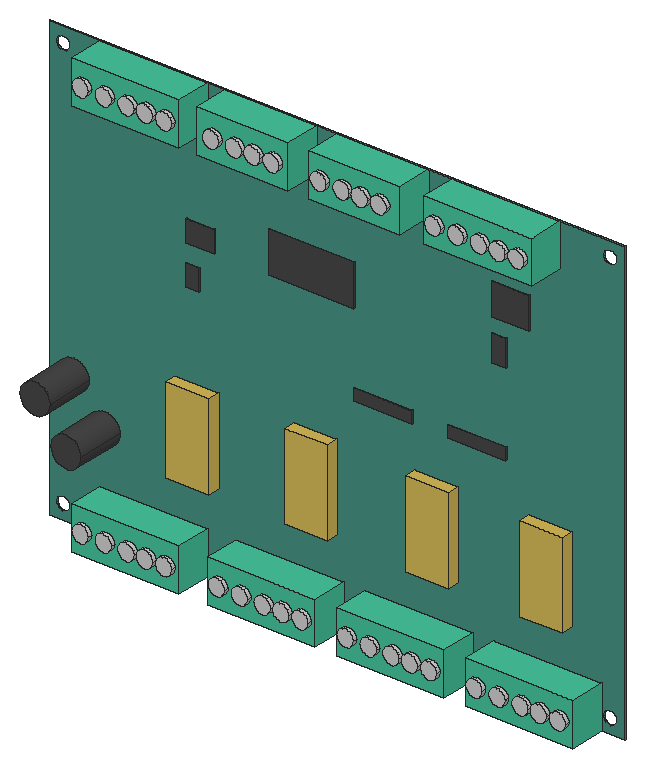
Revit family "TYCO-FPP-Zettler-QIO850 Quad inputoutput module", category Electrical Fixtures, Revit 2014
Parameters (values of type "TYCO-FPP-Zettler-QIO850 Quad inputoutput module")
  Width = 134 mm  # constant formula
  URL = "https://www.tycosafetyproducts-anz.com/public/Datasheet/QIO850inf1504.pdf"
  Type Comments = "QIO850 - Quad Input / Output module – provides four\r\nmonitored inputs and four relay outputs"
  Storage Temparature = "40 to +80 oC"
  ST = ST12
  Relay Output = "2A@30Vdc"
  RSS = res
  RS = RS
  Quiescent Current = "0.58mA"
  PCB = PCB
  Operating Temperature = "-25 to +70 oC"
  Operating Humidity = "Up to 95 %"
  Model = "Zettler -555.800.071"
  Manufacturer = "Tyco"
  Length = 103 mm  # constant formula
  Keynote = "Two-way IR communication with\r\n850EMT saves commissioning time"
  Input EOL = "3k3 Ohm"
  Description = "The MX Quad Ancillary Modules form a versatile new\r\nrange of multiple input and output modules for use\r\nwith MX TECHNOLOGY systems1."
  Aux. Voltage Input = "20-55Vdc"
  Approvals = "EN54-17, EN54-18 and\r\nEN54-13"
  Alarm current = "3.6 mA"
Reference planes
  plane 1 "Center (Front/Back)": y = 0
  plane 2: z = 0
  plane 3 "Center (Left/Right)": x = 0
  plane 4: z = 51.5
  plane 5: z = -51.5
  plane 6: x = -67
  plane 7: x = 67
Forms (mm)
  Extrusion 1, solid, material "PCB" <- "PCB", detail levels fine
    sketch origin (0, 0, 0) x (1, 0, 0) y (0, 0, 1)
      loop
        line (-67, 51.5) -> (-67, -51.5) -> (67, -51.5) -> (67, 51.5) -> (-67, 51.5)
      loop
        circle (63.688, 48.024) r 1.524
      loop
        circle (63.688, -48.024) r 1.524
      loop
        circle (-63.688, 48.024) r 1.524
      loop
        circle (-63.688, -48.024) r 1.524
    from 0 to -0.202
  Extrusion 2, solid, material "ST12" <- "ST", detail levels fine
    sketch origin (0, 0, 0) x (1, 0, 0) y (0, 0, 1)
      loop
        circle (-54.105, -28.995) r 3.518
      loop
        circle (-61.311, -20.407) r 3.518
    from 0 to 11.235
  Extrusion 3, solid, material "RS" <- "RS", detail levels fine
    sketch origin (0, 0, 0) x (1, 0, 0) y (0, 0, 1)
      loop
        line (-37.627, -32.282) -> (-27.627, -32.282) -> (-27.627, -12.282) -> (-37.627, -12.282) -> (-37.627, -32.282)
      loop
        line (-10, -32.282) -> (0, -32.282) -> (0, -12.282) -> (-10, -12.282) -> (-10, -32.282)
      loop
        line (18.186, -32.282) -> (28.186, -32.282) -> (28.186, -12.282) -> (18.186, -12.282) -> (18.186, -32.282)
      loop
        line (44.729, -32.282) -> (54.729, -32.282) -> (54.729, -12.282) -> (44.729, -12.282) -> (44.729, -32.282)
    from 0 to 2.827
  Extrusion 4, solid, material "ST12" <- "ST", detail levels fine
    sketch origin (0, 0, 0) x (1, 0, 0) y (0, 0, 1)
      loop
        line (-34.99, 21.563) -> (-34.99, 16.563) -> (-28.417, 16.563) -> (-28.417, 21.563) -> (-34.99, 21.563)
      loop
        line (-15.625, 26.182) -> (-15.625, 16.563) -> (4.095, 16.563) -> (4.095, 26.182) -> (-15.625, 26.182)
      loop
        line (4.095, -2.777) -> (17.598, -2.777) -> (17.598, 0) -> (4.095, 0) -> (4.095, -2.777)
      loop
        line (25.948, -2.777) -> (39.45, -2.777) -> (39.45, 0) -> (25.948, 0) -> (25.948, -2.777)
      loop
        line (-34.99, 12.307) -> (-34.99, 7.307) -> (-32.066, 7.307) -> (-32.066, 12.307) -> (-34.99, 12.307)
      loop
        line (36.272, 33.568) -> (36.272, 26.182) -> (44.799, 26.182) -> (44.799, 33.568) -> (36.272, 33.568)
      loop
        line (36.272, 22.704) -> (36.272, 16.563) -> (39.45, 16.563) -> (39.45, 22.704) -> (36.272, 22.704)
    from 0 to 0.208
  Extrusion 5, solid, material "res" <- "RSS", detail levels fine
    sketch origin (0, 0, 0) x (1, 0, 0) y (0, 0, 1)
      loop
        line (-55.155, 51.5) -> (-55.155, 41.5) -> (-30.155, 41.5) -> (-30.155, 51.5) -> (-55.155, 51.5)
      loop
        line (26.905, 51.5) -> (26.905, 41.5) -> (51.905, 41.5) -> (51.905, 51.5) -> (26.905, 51.5)
      loop
        line (-55.155, -41.5) -> (-55.155, -51.5) -> (-30.155, -51.5) -> (-30.155, -41.5) -> (-55.155, -41.5)
      loop
        line (-23.452, -41.5) -> (-23.452, -51.5) -> (1.548, -51.5) -> (1.548, -41.5) -> (-23.452, -41.5)
      loop
        line (6.548, -41.5) -> (6.548, -51.5) -> (31.548, -51.5) -> (31.548, -41.5) -> (6.548, -41.5)
      loop
        line (36.548, -41.5) -> (36.548, -51.5) -> (61.548, -51.5) -> (61.548, -41.5) -> (36.548, -41.5)
      loop
        line (-26.035, 51.5) -> (-26.035, 41.5) -> (-4.793, 41.5) -> (-4.793, 51.5) -> (-26.035, 51.5)
      loop
        line (0, 51.5) -> (0, 41.5) -> (21.242, 41.5) -> (21.242, 51.5) -> (0, 51.5)
    from 0 to 8.284
  Extrusion 6, solid, material "RSS(1)", detail levels fine
    sketch origin (0, -8.284, 0) x (1, 0, 0) y (0, 0, 1)
      loop
        circle (-52.483, -46.482) r 1.889
      loop
        circle (-47.109, -46.482) r 1.889
      loop
        circle (-41.796, -46.482) r 1.889
      loop
        circle (-37.494, -46.482) r 1.889
      loop
        circle (-33.047, -46.482) r 1.889
      loop
        circle (-20.78, -46.482) r 1.889
      loop
        circle (-15.407, -46.482) r 1.889
      loop
        circle (-10.094, -46.482) r 1.889
      loop
        circle (-5.792, -46.482) r 1.889
      loop
        circle (-1.345, -46.482) r 1.889
      loop
        circle (9.22, -46.482) r 1.889
      loop
        circle (14.593, -46.482) r 1.889
      loop
        circle (19.906, -46.482) r 1.889
      loop
        circle (24.208, -46.482) r 1.889
      loop
        circle (28.655, -46.482) r 1.889
      loop
        circle (39.22, -46.482) r 1.889
      loop
        circle (44.593, -46.482) r 1.889
      loop
        circle (49.906, -46.482) r 1.889
      loop
        circle (54.208, -46.482) r 1.889
      loop
        circle (58.655, -46.482) r 1.889
      loop
        circle (29.577, 46.518) r 1.889
      loop
        circle (34.95, 46.518) r 1.889
      loop
        circle (40.263, 46.518) r 1.889
      loop
        circle (44.566, 46.518) r 1.889
      loop
        circle (49.012, 46.518) r 1.889
      loop
        circle (-52.483, 46.518) r 1.889
      loop
        circle (-47.109, 46.518) r 1.889
      loop
        circle (-41.796, 46.518) r 1.889
      loop
        circle (-37.494, 46.518) r 1.889
      loop
        circle (-33.047, 46.518) r 1.889
      loop
        circle (-22.109, 46.518) r 1.889
      loop
        circle (-16.796, 46.518) r 1.889
      loop
        circle (-12.494, 46.518) r 1.889
      loop
        circle (-8.047, 46.518) r 1.889
      loop
        circle (2.891, 46.518) r 1.889
      loop
        circle (8.204, 46.518) r 1.889
      loop
        circle (12.506, 46.518) r 1.889
      loop
        circle (16.953, 46.518) r 1.889
    from 0 to 0.851
Lines and regions (mm)
  model lines, detail levels coarse+medium
    curve 1: line (-67, 0, 51.5) -> (67, 0, 51.5)
    curve 2: line (-67, 0, -51.5) -> (-67, 0, 51.5)
    curve 3: line (67, 0, -51.5) -> (-67, 0, -51.5)
    curve 4: line (67, 0, 51.5) -> (67, 0, -51.5)
Dimensions and locks
  equal spacing: plane 4, plane 2, plane 5
  "Length": plane 4 to plane 5
  equal spacing: plane 7, plane 3 "Center (Left/Right)", plane 6
  "Width": plane 7 to plane 6
  aligned and locked: level to plane 2
  aligned and locked: Extrusion 1 sketch curve to plane 4
  aligned and locked: plane 6 to Extrusion 1 sketch curve
  aligned and locked: Extrusion 1 sketch curve to plane 5
  aligned and locked: plane 7 to Extrusion 1 sketch curve
  aligned and locked: Extrusion 2 to plane 1 "Center (Front/Back)"
  aligned and locked: Extrusion 3 to plane 1 "Center (Front/Back)"
  aligned and locked: Extrusion 4 to plane 1 "Center (Front/Back)"
  aligned and locked: Extrusion 5 to plane 1 "Center (Front/Back)"
  aligned and locked: Extrusion 6 to Extrusion 5
  aligned and locked: curve 1 to plane 4
  aligned and locked: plane 7 to curve 4
  aligned and locked: curve 3 to plane 5
  aligned and locked: plane 6 to curve 2
Automatic sketch dimensions
  plane 6 to Extrusion 1 sketch curve = 3.312 mm  (x2)
  plane 7 to Extrusion 1 sketch curve = 3.312 mm  (x2)
  Extrusion 1 sketch curve to plane 5 = 3.476 mm  (x2)
  Extrusion 1 sketch curve to plane 4 = 3.476 mm  (x2)
  plane 6 to Extrusion 2 sketch curve = 5.689 mm
  Extrusion 2 sketch curve to Extrusion 2 sketch curve = 7.206 mm
  Extrusion 2 sketch curve to plane 5 = 22.505 mm
  Extrusion 2 sketch curve to Extrusion 2 sketch curve = 8.588 mm
  Extrusion 3 sketch curve to plane 3 "Center (Left/Right)" = 0 mm
  Extrusion 3 sketch curve to Extrusion 3 sketch curve = 10 mm  (x4)
  Extrusion 3 sketch curve to Extrusion 3 sketch curve = 17.627 mm
  plane 3 "Center (Left/Right)" to Extrusion 3 sketch curve = 18.186 mm
  Extrusion 3 sketch curve to Extrusion 3 sketch curve = 16.543 mm
  Extrusion 3 sketch curve to plane 5 = 19.218 mm  (x2)
  Extrusion 3 sketch curve to Extrusion 3 sketch curve = 0 mm  (x2)
  Extrusion 3 sketch curve to level = 12.282 mm  (x4)
  Extrusion 4 sketch curve to level = 0 mm  (x2)
  plane 6 to Extrusion 4 sketch curve = 32.01 mm
  Extrusion 4 sketch curve to Extrusion 4 sketch curve = 0 mm  (x3)
  Extrusion 4 sketch curve to Extrusion 4 sketch curve = 2.925 mm
  Extrusion 4 sketch curve to Extrusion 4 sketch curve = 6.574 mm
  Extrusion 4 sketch curve to Extrusion 4 sketch curve = 12.792 mm
  plane 3 "Center (Left/Right)" to Extrusion 4 sketch curve = 4.095 mm  (x2)
  Extrusion 4 sketch curve to Extrusion 4 sketch curve = 13.502 mm  (x2)
  Extrusion 4 sketch curve to level = 2.777 mm  (x2)
  Extrusion 4 sketch curve to Extrusion 4 sketch curve = 8.35 mm
  Extrusion 4 sketch curve to Extrusion 4 sketch curve = 10.324 mm
  Extrusion 4 sketch curve to Extrusion 4 sketch curve = 3.179 mm
  Extrusion 4 sketch curve to Extrusion 4 sketch curve = 5.349 mm
  level to Extrusion 4 sketch curve = 7.307 mm
  Extrusion 4 sketch curve to Extrusion 4 sketch curve = 5 mm  (x2)
  Extrusion 4 sketch curve to Extrusion 4 sketch curve = 4.256 mm
  Extrusion 4 sketch curve to Extrusion 4 sketch curve = 16.563 mm
  Extrusion 4 sketch curve to Extrusion 4 sketch curve = 6.141 mm
  Extrusion 4 sketch curve to Extrusion 4 sketch curve = 3.478 mm
  Extrusion 4 sketch curve to Extrusion 4 sketch curve = 9.619 mm
  Extrusion 4 sketch curve to Extrusion 4 sketch curve = 7.386 mm
  Extrusion 5 sketch curve to plane 4 = 0 mm  (x4)
  Extrusion 5 sketch curve to plane 5 = 0 mm  (x4)
  Extrusion 5 sketch curve to plane 3 "Center (Left/Right)" = 0 mm
  Extrusion 5 sketch curve to Extrusion 5 sketch curve = 4.793 mm
  Extrusion 5 sketch curve to plane 5 = 10 mm  (x2)
  Extrusion 5 sketch curve to plane 3 "Center (Left/Right)" = 23.452 mm
  Extrusion 5 sketch curve to plane 4 = 10 mm  (x2)
  Extrusion 5 sketch curve to Extrusion 5 sketch curve = 21.242 mm
  Extrusion 5 sketch curve to Extrusion 5 sketch curve = 4.12 mm
  Extrusion 5 sketch curve to Extrusion 5 sketch curve = 6.702 mm
  plane 6 to Extrusion 5 sketch curve = 11.845 mm  (x2)
  plane 3 "Center (Left/Right)" to Extrusion 5 sketch curve = 1.548 mm
  Extrusion 5 sketch curve to Extrusion 5 sketch curve = 5 mm  (x2)
  plane 3 "Center (Left/Right)" to Extrusion 5 sketch curve = 21.242 mm
  Extrusion 5 sketch curve to Extrusion 5 sketch curve = 5.663 mm
  Extrusion 5 sketch curve to Extrusion 5 sketch curve = 25 mm
  plane 7 to Extrusion 5 sketch curve = 15.095 mm
  plane 7 to Extrusion 5 sketch curve = 5.452 mm
  Extrusion 5 sketch curve to Extrusion 5 sketch curve = 10 mm
  Extrusion 5 sketch curve to Extrusion 5 sketch curve = 0 mm  (x3)
  Extrusion 6 sketch curve to Extrusion 5 = 2.672 mm  (x5)
  Extrusion 6 sketch curve to Extrusion 6 sketch curve = 5.373 mm  (x5)
  Extrusion 6 sketch curve to Extrusion 6 sketch curve = 5.313 mm  (x3)
  Extrusion 6 sketch curve to Extrusion 6 sketch curve = 4.302 mm  (x5)
  Extrusion 6 sketch curve to Extrusion 5 = 2.892 mm  (x4)
  Extrusion 6 sketch curve to Extrusion 5 = 1.343 mm
  Extrusion 6 sketch curve to Extrusion 5 = 5.301 mm
  Extrusion 6 sketch curve to Extrusion 5 = 3.254 mm
  Extrusion 6 sketch curve to Extrusion 5 = 0.998 mm
  Extrusion 5 to Extrusion 6 sketch curve = 1.345 mm
  Extrusion 5 to Extrusion 6 sketch curve = 1.343 mm
  Extrusion 6 sketch curve to Extrusion 5 = 1.656 mm
  Extrusion 6 sketch curve to Extrusion 5 = 4.289 mm
  Extrusion 6 sketch curve to Extrusion 5 = 1.336 mm
  Extrusion 5 to Extrusion 6 sketch curve = 2.697 mm
  Extrusion 6 sketch curve to Extrusion 5 = 1.75 mm
  Extrusion 6 sketch curve to Extrusion 5 = 1.971 mm
  Extrusion 5 to Extrusion 6 sketch curve = 1.597 mm
  Extrusion 6 sketch curve to Extrusion 5 = 3.716 mm
  Extrusion 6 sketch curve to Extrusion 5 = 1.999 mm
  Extrusion 5 to Extrusion 6 sketch curve = 2.303 mm
  Extrusion 6 sketch curve to Extrusion 5 = 4.982 mm  (x22)
  Extrusion 6 sketch curve to Extrusion 6 sketch curve = 0 mm  (x16)
  radius of Extrusion 1 sketch curve = 1.524 mm  (x4)
  radius of Extrusion 2 sketch curve = 3.518 mm  (x2)
  radius of Extrusion 6 sketch curve = 1.889 mm  (x38)
Connectors
  electrical at (0, 0.202, 0)
    settings: on Extrusion 1, index 1, voltage 24 V, apparent load 0 VA, apparent load phase1 0 VA, apparent load phase2 0 VA, apparent load phase3 0 VA, power factor 1, load classification "Other", number of poles 1, system type 31, power factor state 1, is connector primary yes, connector utility no, sub classification motor no, connector description ""
